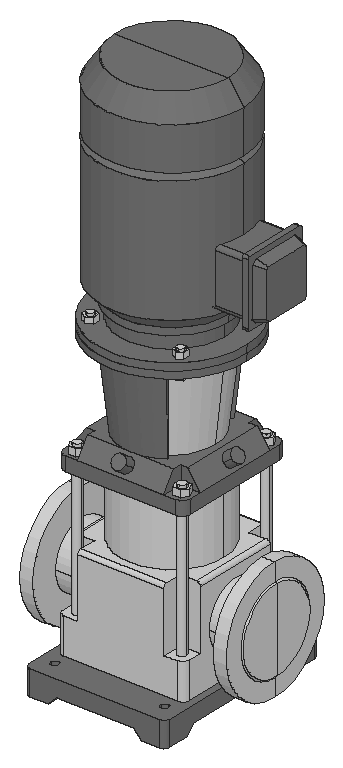
Revit family "TESK_Насос вертикальный_SVM(T)-90", category Оборудование, Revit 2019
Family settings
  Размер круглого соединителя = Использовать диаметр
  Классификация = Насос
  Тип детали = Вставляется
  На основе рабочей плоскости = Нет
  Всегда вертикально = Да
  При загрузке вырезать с полостями = Нет
  Общий = Нет
  Точка расчета площади = Нет
Parameters (values of type "Загрузите каталог типоразмеров TXT")
  Толщина_ФланцаДвигателя = Двигатель_Высота * 0.03  # 13.05 mm
  Таблица_Поиска = "TESK_SVM(T)-90"  # constant formula
  Производитель_Контакты = "info@teskpump.ru"
  Напор максимальный = 0
  Материал_КорпусУлитка = TESK_Нержавеющая сталь
  Материал_КорпусДвигателя = TESK_Черный_Ребра_Условный
  Материал_2 = TESK_Нержавеющая сталь
  Материал_1 = TESK_Черный_Условный
  Высота_Башня = size_lookup(Таблица_Поиска, "A5", 200 mm, ADSK_Марка)  # 200 mm
  Высота_Корпуса = size_lookup(Таблица_Поиска, "A1", 571 mm, ADSK_Марка)  # 571 mm
  Watermark [instance] = "Модели защищены уникальным кодом"
  URL = "www.teskpump.ru"
  D_Башня = Двигатель_Ширина * 0.75  # 195 mm
  ADSK_Свободный напор жидкости [instance] = 0.0 Pa
  ADSK_Расход жидкости [instance] = 0.0 L/s
  ADSK_Полная мощность = ADSK_Номинальная мощность * ADSK_Коэффициент мощности  # 0 kVA
  ADSK_Номинальная мощность = size_lookup(Таблица_Поиска, "Pow", 0 kW, ADSK_Марка)  # 0 kW
  ADSK_Напряжение = 400 V
  ADSK_Наименование краткое = "Вертикальный многоступенчатый центробежный насос"  # constant formula
  ADSK_Наименование = size_lookup(Таблица_Поиска, "Name", "Не найдено: Насос TESK SVM(T)-90", ADSK_Марка)  # "Не найдено: Насос TESK SVM(T)-90"
  ADSK_Масса_Текст = size_lookup(Таблица_Поиска, "mass_t", "Не найдено: Насос TESK SVM(T)-90", ADSK_Марка)  # "Не найдено: Насос TESK SVM(T)-90"
  ADSK_Масса = size_lookup(Таблица_Поиска, "mass", 0, ADSK_Марка)  # 0
  ADSK_Марка = "Загрузите каталог типоразмеров TXT"
  ADSK_Коэффициент мощности = 1
  ADSK_Количество фаз числовое = ADSK_Количество фаз  # 3
  ADSK_Количество фаз = if(ADSK_Напряжение = 230 V, 1, 3)  # 3
  ADSK_Количество = 1  # constant formula
  ADSK_Код изделия = size_lookup(Таблица_Поиска, "code", "Не найдено: Насос TESK SVM(T)-90", ADSK_Марка)  # "Не найдено: Насос TESK SVM(T)-90"
  ADSK_Классификация нагрузок = Прочее
  ADSK_Завод-изготовитель = "TESK"  # constant formula
  ADSK_Единица измерения = "шт."  # constant formula
  ADSK_Диаметр условный = 100 mm  # constant formula
  ADSK_Версия семейства = "1.0"  # constant formula
  ADSK_Версия Revit = "2019"  # constant formula
  Фланец_Толщина = 26 mm  # constant formula
  УГО_Длина = 380 mm  # constant formula
  Двигатель_Ширина = size_lookup(Таблица_Поиска, "A3", 260 mm, ADSK_Марка)  # 260 mm
  Двигатель_ОтступКоробки = size_lookup(Таблица_Поиска, "A4", 208 mm, ADSK_Марка)  # 208 mm
  Двигатель_Высота = size_lookup(Таблица_Поиска, "A2", 435 mm, ADSK_Марка)  # 435 mm
Reference planes
  plane 1 "По центру (Вперед/Назад)": y = 0
  plane 2: z = 0
  plane 3 "По центру (Влево/Вправо)": x = 0
  plane 4: x = -190
  plane 5: x = 190
  plane 6: x = -164
  plane 7: x = 164
  plane 8: z = -140
  plane 9: z = 431
  plane 10: z = 231
  plane 11: z = 206
  plane 12: x = -115
  plane 13: y = 115
  plane 14: x = 115
  plane 15: y = -115
  plane 16: x = -95
  plane 17: x = 95
  plane 18: y = -95
  plane 19: y = 95
  plane 20: z = 247
  plane 21: z = -95
  plane 22: x = -127.5
  plane 23: x = 127.5
  plane 24: y = -174
  plane 25: y = 174
  plane 26: z = -125
  plane 27: x = -84.5
  plane 28: x = 84.5
  plane 29: y = -174
  plane 30: y = 174
  plane 31: x = -127.5
  plane 32: x = 127.5
  plane 33: y = -125
  plane 34: y = 125
  plane 35: z = -125
  plane 36: x = -99.5
  plane 37: x = 99.5
  plane 38: y = -140
  plane 39: y = 140
  plane 40: z = 85
  plane 41: x = -115
  plane 42: x = 115
  plane 43: y = -115
  plane 44: y = 115
  plane 45: x = -115
  plane 46: x = 115
  plane 47: y = -115
  plane 48: y = 115
  plane 49: x = -78
  plane 50: x = 78
  plane 51: y = -78
  plane 52: y = 78
  plane 53: z = -30
  plane 54: x = -95
  plane 55: x = 95
  plane 56: y = -95
  plane 57: y = 95
  plane 58: x = -115
  plane 59: x = 115
  plane 60: y = -115
  plane 61: y = 115
  plane 62: x = -92
  plane 63: x = 92
  plane 64: y = -92
  plane 65: y = 92
  plane 66: z = 263
  plane 67: z = 417.95
  plane 68: x = -80
  plane 69: x = -97.5
  plane 70: x = 97.5
  plane 71: x = -92
  plane 72: x = -109.5
  plane 73: x = 80
  plane 74: x = 97.5
  plane 75: x = -97.5
  plane 76: x = 92
  plane 77: x = 109.5
  plane 78: x = -115
  plane 79: z = 78
  plane 80: x = -108
Forms (mm)
  Extrusion 1, solid, material "TESK_Нержавеющая сталь" <- "Материал_КорпусУлитка", detail levels fine
    sketch origin (0, 0, 0) x (0, 1, 0) y (0, 0, 1)
      loop
        circle (0, 0) r 60
    from -164 to 164
  Extrusion 2, solid, material "TESK_Черный_Условный" <- "Материал_1", detail levels fine
    sketch origin (0, 0, 0) x (1, 0, 0) y (0, 1, 0)
      loop
        line (-115, 100) -> (-115, -100)
        arc (-115, -100) -> (-110.607, -110.607) -> (-100, -115) r 15
        line (-100, -115) -> (100, -115)
        arc (100, -115) -> (110.607, -110.607) -> (115, -100) r 15
        line (115, -100) -> (115, 100)
        arc (115, 100) -> (110.607, 110.607) -> (100, 115) r 15
        line (100, 115) -> (-100, 115)
        arc (-100, 115) -> (-110.607, 110.607) -> (-115, 100) r 15
    from 206 to 231
  Extrusion 3, solid, material "TESK_Нержавеющая сталь" <- "Материал_2", detail levels fine
    sketch origin (0, 0, 0) x (1, 0, 0) y (0, 1, 0)
      loop
        circle (-95, 95) r 7.5
      loop
        circle (95, 95) r 7.5
      loop
        circle (-95, -95) r 7.5
      loop
        circle (95, -95) r 7.5
    from -30 to 247
  Extrusion 4, solid, material "TESK_Черный_Условный" <- "Материал_1", detail levels fine
    sketch origin (0, 0, 0) x (1, 0, 0) y (0, 1, 0)
      loop
        line (-127.5, 164) -> (-127.5, -164)
        arc (-127.5, -164) -> (-124.571, -171.071) -> (-117.5, -174) r 10
        line (-117.5, -174) -> (117.5, -174)
        arc (117.5, -174) -> (124.571, -171.071) -> (127.5, -164) r 10
        line (127.5, -164) -> (127.5, 164)
        arc (127.5, 164) -> (124.571, 171.071) -> (117.5, 174) r 10
        line (117.5, 174) -> (-117.5, 174)
        arc (-117.5, 174) -> (-124.571, 171.071) -> (-127.5, 164) r 10
    from -140 to -95
  Extrusion 5, void
    sketch origin (0, 0, 0) x (1, 0, 0) y (0, 0, 1)
      loop
        line (-69.5, -125) -> (-84.5, -140) -> (84.5, -140) -> (69.5, -125) -> (-69.5, -125)
    from -174 to 174
  Extrusion 6, void
    sketch origin (0, 0, 0) x (0, 1, 0) y (0, 0, 1)
      loop
        line (-110, -125) -> (-125, -140) -> (125, -140) -> (110, -125) -> (-110, -125)
    from -127.5 to 127.5
  Extrusion 7, void
    sketch origin (0, 0, 0) x (1, 0, 0) y (0, 1, 0)
      loop
        circle (-99.5, 140) r 7
      loop
        circle (99.5, 140) r 7
      loop
        circle (99.5, -140) r 7
      loop
        circle (-99.5, -140) r 7
    from -95 to -140
  Extrusion 8, solid, material "TESK_Нержавеющая сталь" <- "Материал_КорпусУлитка", detail levels fine
    sketch origin (0, 0, 0) x (1, 0, 0) y (0, 1, 0)
      loop
        arc (-103, 115) -> (-111.485, 111.485) -> (-115, 103) r 12
        line (-115, 103) -> (-115, -103)
        arc (-115, -103) -> (-111.485, -111.485) -> (-103, -115) r 12
        line (-103, -115) -> (103, -115)
        arc (103, -115) -> (111.485, -111.485) -> (115, -103) r 12
        line (115, -103) -> (115, 103)
        arc (115, 103) -> (111.485, 111.485) -> (103, 115) r 12
        line (103, 115) -> (-103, 115)
    from -95 to 85
  Extrusion 9, void
    sketch origin (0, 0, 0) x (1, 0, 0) y (0, 1, 0)
      loop
        line (-115, 78) -> (-78, 78) -> (-78, 115) -> (-115, 115) -> (-115, 78)
      loop
        line (78, 78) -> (115, 78) -> (115, 115) -> (78, 115) -> (78, 78)
      loop
        line (-115, -78) -> (-115, -115) -> (-78, -115) -> (-78, -78) -> (-115, -78)
      loop
        line (78, -78) -> (78, -115) -> (115, -115) -> (115, -78) -> (78, -78)
    from -30 to 263
  Extrusion 10, solid, material "TESK_Нержавеющая сталь" <- "Материал_2", detail levels fine
    sketch origin (0, 0, 0) x (1, 0, 0) y (0, 1, 0)
      loop
        circle (0, 0) r 95
    from 85 to 206
  Blend 11, solid, material "TESK_Черный_Условный" <- "Материал_1", detail levels fine
    base sketch origin (0, 0, 0) x (1, 0, 0) y (0, 1, 0)
      loop
        line (-115, 115) -> (-115, -115) -> (115, -115) -> (115, 115) -> (-115, 115)
    top sketch origin (0, 0, 0) x (1, 0, 0) y (0, 1, 0)
      loop
        line (-92, 92) -> (-92, -92) -> (92, -92) -> (92, 92) -> (-92, 92)
    from 231 to 263
  Blend 12, solid, material "TESK_Нержавеющая сталь" <- "Материал_2", detail levels fine
    base sketch origin (0, 0, 0) x (1, 0, 0) y (0, 1, 0)
      loop
        circle (0, 0) r 80
    top sketch origin (0, 0, 0) x (1, 0, 0) y (0, 1, 0)
      loop
        circle (0, 0) r 97.5
    from 263 to 417.95
  Revolve 13, solid, material "TESK_Черный_Условный" <- "Материал_1", detail levels fine
    sketch origin (0, 0, 0) x (1, 0, 0) y (0, 0, 1)
      loop
        line (-109.5, 417.95) -> (-92, 263) -> (-80, 263) -> (-97.5, 417.95) -> (-109.5, 417.95)
      axis (0, 263) -> (0, 417.95)
    angle from 125 to 55
  Revolve 14, solid, material "TESK_Черный_Условный" <- "Материал_1", detail levels fine
    sketch origin (0, 0, 0) x (-1, 0, 0) y (0, 0, 1)
      loop
        line (-109.5, 417.95) -> (-92, 263) -> (-80, 263) -> (-97.5, 417.95) -> (-109.5, 417.95)
      axis (0, 263) -> (0, 417.95)
    angle from -125 to -55
  Sweep 15, void
    path in 3D
      loop
        arc (-115, -103, 85) -> (-111.485, -111.485, 85) -> (-103, -115, 85) r 12
        line (-103, -115, 85) -> (103, -115, 85)
        arc (103, -115, 85) -> (111.485, -111.485, 85) -> (115, -103, 85) r 12
        line (115, -103, 85) -> (115, 103, 85)
        arc (115, 103, 85) -> (111.485, 111.485, 85) -> (103, 115, 85) r 12
        line (103, 115, 85) -> (-103, 115, 85)
        arc (-103, 115, 85) -> (-111.485, 111.485, 85) -> (-115, 103, 85) r 12
        line (-115, 103, 85) -> (-115, -103, 85)
    profile origin (-115, 0, 85) x (1, 0, 0) y (0, 0, 1)
      loop
        line (0, 0) -> (0, -7)
        arc (0, -7) -> (2.05, -2.05) -> (7, 0) r 7
        line (7, 0) -> (0, 0)
Cuts and joins
  Extrusion 5, Extrusion 6, Extrusion 7 cuts Extrusion 4
  Extrusion 9, Sweep 15 cuts Extrusion 8
  Extrusion 9 cuts Blend 11
Lines and regions (mm)
  sketch lines
    curve 1: line (-115, 103, 85) -> (-115, -103, 85)
    curve 2: arc (-115, 103, 85) -> (-111.485, 111.485, 85) -> (-103, 115, 85) r 12
    curve 3: line (103, 115, 85) -> (-103, 115, 85)
    curve 4: arc (103, 115, 85) -> (111.485, 111.485, 85) -> (115, 103, 85) r 12
    curve 5: line (115, -103, 85) -> (115, 103, 85)
    curve 6: arc (115, -103, 85) -> (111.485, -111.485, 85) -> (103, -115, 85) r 12
    curve 7: line (-103, -115, 85) -> (103, -115, 85)
    curve 8: arc (-103, -115, 85) -> (-111.485, -111.485, 85) -> (-115, -103, 85) r 12
Dimensions and locks
  locked: plane 3 "По центру (Влево/Вправо)" to plane 4 at 190
  locked: plane 5 to plane 3 "По центру (Влево/Вправо)" at 190
  locked: plane 2 to plane 8 at 140
  "Высота_Башня": plane 9 to plane 10
  locked: plane 10 to plane 11 at 25
  equal spacing: plane 12, plane 3 "По центру (Влево/Вправо)", plane 14
  equal spacing: plane 13, plane 1 "По центру (Вперед/Назад)", plane 15
  locked: plane 15 to plane 1 "По центру (Вперед/Назад)" at 115
  locked: plane 12 to plane 3 "По центру (Влево/Вправо)" at 115
  equal spacing: plane 16, plane 3 "По центру (Влево/Вправо)", plane 17
  locked: plane 16 to plane 3 "По центру (Влево/Вправо)" at 95
  equal spacing: plane 19, plane 1 "По центру (Вперед/Назад)", plane 18
  locked: plane 19 to plane 1 "По центру (Вперед/Назад)" at 95
  locked: plane 20 to plane 10 at 16
  locked: plane 21 to plane 8 at 45
  equal spacing: plane 22, plane 3 "По центру (Влево/Вправо)", plane 23
  locked: plane 22 to plane 3 "По центру (Влево/Вправо)" at 127.5
  equal spacing: plane 25, plane 1 "По центру (Вперед/Назад)", plane 24
  locked: plane 25 to plane 1 "По центру (Вперед/Назад)" at 174
  locked: plane 26 to plane 8 at 15
  equal spacing: plane 28, plane 3 "По центру (Влево/Вправо)", plane 27
  equal spacing: plane 29, plane 1 "По центру (Вперед/Назад)", plane 30
  locked: plane 29 to plane 1 "По центру (Вперед/Назад)" at 174
  equal spacing: plane 32, plane 3 "По центру (Влево/Вправо)", plane 31
  locked: plane 3 "По центру (Влево/Вправо)" to plane 31 at 127.5
  equal spacing: plane 33, plane 1 "По центру (Вперед/Назад)", plane 34
  locked: plane 35 to plane 8 at 15
  equal spacing: plane 36, plane 3 "По центру (Влево/Вправо)", plane 37
  equal spacing: plane 39, plane 1 "По центру (Вперед/Назад)", plane 38
  locked: plane 39 to plane 1 "По центру (Вперед/Назад)" at 140
  locked: plane 3 "По центру (Влево/Вправо)" to plane 37 at 99.5
  locked: plane 40 to plane 21 at 180
  equal spacing: plane 41, plane 3 "По центру (Влево/Вправо)", plane 42
  equal spacing: plane 44, plane 1 "По центру (Вперед/Назад)", plane 43
  locked: plane 43 to plane 1 "По центру (Вперед/Назад)" at 115
  locked: plane 3 "По центру (Влево/Вправо)" to plane 42 at 115
  equal spacing: plane 48, plane 1 "По центру (Вперед/Назад)", plane 47
  equal spacing: plane 45, plane 3 "По центру (Влево/Вправо)", plane 46
  locked: plane 45 to plane 3 "По центру (Влево/Вправо)" at 115
  locked: plane 48 to plane 1 "По центру (Вперед/Назад)" at 115
  locked: plane 48 to plane 52 at 37
  locked: plane 51 to plane 47 at 37
  locked: plane 45 to plane 49 at 37
  locked: plane 50 to plane 46 at 37
  locked: plane 2 to plane 53 at 30
  equal spacing: plane 57, plane 1 "По центру (Вперед/Назад)", plane 56
  locked: plane 57 to plane 1 "По центру (Вперед/Назад)" at 95
  equal spacing: plane 54, plane 3 "По центру (Влево/Вправо)", plane 55
  locked: plane 3 "По центру (Влево/Вправо)" to plane 55 at 95
  equal spacing: plane 61, plane 1 "По центру (Вперед/Назад)", plane 60
  equal spacing: plane 58, plane 3 "По центру (Влево/Вправо)", plane 59
  locked: plane 58 to plane 3 "По центру (Влево/Вправо)" at 115
  locked: plane 1 "По центру (Вперед/Назад)" to plane 61 at 115
  equal spacing: plane 62, plane 3 "По центру (Влево/Вправо)", plane 63
  equal spacing: plane 65, plane 1 "По центру (Вперед/Назад)", plane 64
  locked: plane 1 "По центру (Вперед/Назад)" to plane 65 at 92
  locked: plane 62 to plane 3 "По центру (Влево/Вправо)" at 92
  locked: plane 66 to plane 10 at 32
  "Толщина_ФланцаДвигателя": plane 9 to plane 67
  equal spacing: plane 70, plane 3 "По центру (Влево/Вправо)", plane 69
  "D_Башня": plane 70 to plane 69
  locked: plane 3 "По центру (Влево/Вправо)" to plane 68 at 80
  locked: plane 69 to plane 72 at 12
  locked: plane 68 to plane 71 at 12
  "D_Башня": plane 75 to plane 74
  locked: plane 74 to plane 77 at 12
  locked: plane 73 to plane 76 at 12
  equal spacing: plane 75, plane 3 "По центру (Влево/Вправо)", plane 74
  locked: plane 73 to plane 3 "По центру (Влево/Вправо)" at 80
  "Фланец_Толщина": plane 6 to plane 4
  "Фланец_Толщина": plane 5 to plane 7
  "Высота_Корпуса": plane 9 to plane 8
  locked: plane 3 "По центру (Влево/Вправо)" to plane 27 at 84.5
  locked: plane 33 to plane 1 "По центру (Вперед/Назад)" at 125
  locked: plane 3 "По центру (Влево/Вправо)" to plane 78 at 115
  locked: plane 40 to plane 79 at 7
  locked: plane 80 to plane 78 at 7
  diameter of Extrusion 1 sketch curve = 120 mm
  radius of Extrusion 2 sketch curve = 15 mm  (x4)
  diameter of Extrusion 3 sketch curve = 15 mm  (x4)
  radius of Extrusion 4 sketch curve = 10 mm  (x4)
  diameter of Extrusion 7 sketch curve = 14 mm  (x4)
  radius of Extrusion 8 sketch curve = 12 mm  (x4)
  diameter of Blend 12 sketch curve = 160 mm
  "D_Башня": diameter of Blend 12 sketch curve
  diameter of Extrusion 10 sketch curve = 190 mm
  radius of Sweep 15 sketch curve = 7 mm
  locked: Extrusion 5 sketch curve to plane 27 (angle 45.00°)
  locked: plane 28 to Extrusion 5 sketch curve (angle 45.00°)
  locked: Extrusion 6 sketch curve to plane 33 (angle 45.00°)
  locked: plane 34 to Extrusion 6 sketch curve (angle 45.00°)
  aligned and locked: level to plane 2
  aligned and locked: plane 1 "По центру (Вперед/Назад)" to nested 1
  aligned and locked: nested 2 to plane 1 "По центру (Вперед/Назад)"
  aligned and locked: plane 4 to nested 1
  aligned and locked: nested 2 to plane 5
  aligned and locked: Extrusion 1 to plane 6
  aligned and locked: plane 7 to Extrusion 1
  aligned and locked: Extrusion 2 sketch curve to plane 12
  aligned and locked: Extrusion 2 sketch curve to plane 13
  aligned and locked: Extrusion 2 sketch curve to plane 14
  aligned and locked: Extrusion 2 sketch curve to plane 15
  aligned and locked: plane 10 to Extrusion 2
  aligned and locked: Extrusion 2 to plane 11
  aligned and locked: plane 19 to Extrusion 3 sketch curve  (x2)
  aligned and locked: plane 16 to Extrusion 3 sketch curve  (x2)
  aligned and locked: plane 17 to Extrusion 3 sketch curve  (x2)
  aligned and locked: plane 18 to Extrusion 3 sketch curve  (x2)
  aligned and locked: Extrusion 3 to plane 20
  aligned and locked: plane 3 "По центру (Влево/Вправо)" to nested 3
  aligned and locked: plane 1 "По центру (Вперед/Назад)" to nested 3
  aligned and locked: plane 9 to nested 3
  aligned and locked: Extrusion 4 sketch curve to plane 22
  aligned and locked: Extrusion 4 sketch curve to plane 25
  aligned and locked: Extrusion 4 sketch curve to plane 23
  aligned and locked: Extrusion 4 sketch curve to plane 24
  aligned and locked: plane 21 to Extrusion 4
  aligned and locked: Extrusion 4 to plane 8
  aligned and locked: Extrusion 5 sketch curve to plane 26
  aligned and locked: Extrusion 5 sketch curve to plane 27
  aligned and locked: Extrusion 5 sketch curve to plane 8
  aligned and locked: Extrusion 5 sketch curve to plane 28
  aligned and locked: plane 8 to Extrusion 5 sketch curve
  aligned and locked: Extrusion 5 to plane 29
  aligned and locked: Extrusion 5 to plane 30
  aligned and locked: Extrusion 6 sketch curve to plane 35
  aligned and locked: Extrusion 6 sketch curve to plane 8
  aligned and locked: Extrusion 6 sketch curve to plane 34
  aligned and locked: plane 8 to Extrusion 6 sketch curve
  aligned and locked: Extrusion 6 sketch curve to plane 33
  aligned and locked: Extrusion 6 to plane 31
  aligned and locked: Extrusion 6 to plane 32
  aligned and locked: plane 39 to Extrusion 7 sketch curve  (x2)
  aligned and locked: plane 36 to Extrusion 7 sketch curve  (x2)
  aligned and locked: plane 37 to Extrusion 7 sketch curve  (x2)
  aligned and locked: plane 38 to Extrusion 7 sketch curve  (x2)
  aligned and locked: Extrusion 7 to plane 21
  aligned and locked: Extrusion 7 to plane 8
  aligned and locked: Extrusion 8 sketch curve to plane 44
  aligned and locked: Extrusion 8 sketch curve to plane 41
  aligned and locked: Extrusion 8 sketch curve to plane 42
  aligned and locked: Extrusion 8 sketch curve to plane 43
  aligned and locked: Extrusion 8 to plane 21
  aligned and locked: plane 40 to Extrusion 8
  aligned and locked: Extrusion 9 sketch curve to plane 52  (x2)
  aligned and locked: Extrusion 9 sketch curve to plane 45
  aligned and locked: Extrusion 9 sketch curve to plane 48  (x2)
  aligned and locked: Extrusion 9 sketch curve to plane 49
  aligned and locked: Extrusion 9 sketch curve to plane 50
  aligned and locked: Extrusion 9 sketch curve to plane 46
  aligned and locked: plane 45 to Extrusion 9 sketch curve
  aligned and locked: Extrusion 9 sketch curve to plane 47  (x2)
  aligned and locked: plane 49 to Extrusion 9 sketch curve
  aligned and locked: Extrusion 9 sketch curve to plane 51  (x2)
  aligned and locked: plane 50 to Extrusion 9 sketch curve
  aligned and locked: plane 46 to Extrusion 9 sketch curve
  aligned and locked: Extrusion 9 to plane 53
  aligned and locked: Extrusion 10 to plane 40
  aligned and locked: plane 11 to Extrusion 10
  aligned and locked: nested 4 to plane 10
  aligned and locked: nested 4 to plane 54
  aligned and locked: plane 56 to nested 4
  aligned and locked: Extrusion 3 to plane 53
  aligned and locked: nested 5 to plane 55
  aligned and locked: nested 5 to plane 56
  aligned and locked: plane 55 to nested 7
  aligned and locked: nested 7 to plane 57
  aligned and locked: plane 54 to nested 6
  aligned and locked: plane 57 to nested 6
  aligned and locked: plane 10 to nested 5
  aligned and locked: nested 7 to plane 10
  aligned and locked: plane 10 to nested 6
  aligned and locked: Blend 11 sketch curve to plane 58
  aligned and locked: Blend 11 sketch curve to plane 61
  aligned and locked: Blend 11 sketch curve to plane 60
  aligned and locked: Blend 11 sketch curve to plane 59
  aligned and locked: Blend 11 sketch curve to plane 65
  aligned and locked: Blend 11 sketch curve to plane 62
  aligned and locked: Blend 11 sketch curve to plane 63
  aligned and locked: Blend 11 sketch curve to plane 64
  aligned and locked: Blend 11 to plane 10
  aligned and locked: plane 66 to Extrusion 9
  aligned and locked: plane 66 to Blend 11
  aligned and locked: plane 3 "По центру (Влево/Вправо)" to Blend 12 sketch curve  (x2)
  aligned and locked: plane 1 "По центру (Вперед/Назад)" to Blend 12 sketch curve  (x2)
  aligned and locked: Blend 12 to plane 66
  aligned and locked: plane 67 to Blend 12
  aligned and locked: plane 3 "По центру (Влево/Вправо)" to Revolve 13 sketch curve
  aligned and locked: Revolve 13 sketch curve to plane 67
  aligned and locked: Revolve 13 sketch curve to plane 66
  aligned and locked: plane 71 to Revolve 13 sketch curve
  aligned and locked: plane 68 to Revolve 13 sketch curve
  aligned and locked: plane 72 to Revolve 13 sketch curve
  aligned and locked: plane 69 to Revolve 13 sketch curve
  aligned and locked: plane 66 to Revolve 14 sketch curve
  aligned and locked: plane 76 to Revolve 14 sketch curve
  aligned and locked: plane 73 to Revolve 14 sketch curve
  aligned and locked: plane 67 to Revolve 14 sketch curve
  aligned and locked: plane 77 to Revolve 14 sketch curve
  aligned and locked: plane 74 to Revolve 14 sketch curve
  aligned and locked: plane 3 "По центру (Влево/Вправо)" to Revolve 14 sketch curve
  aligned and locked: nested 8 to plane 1 "По центру (Вперед/Назад)"
  aligned and locked: nested 8 to plane 3 "По центру (Влево/Вправо)"
  aligned and locked: nested 9 to plane 1 "По центру (Вперед/Назад)"
  aligned and locked: plane 2 to nested 9
  aligned and locked: nested 9 to plane 3 "По центру (Влево/Вправо)"
  aligned and locked: plane 3 "По центру (Влево/Вправо)" to Extrusion 10 sketch curve
  aligned and locked: plane 1 "По центру (Вперед/Назад)" to Extrusion 10 sketch curve
  aligned and locked: plane 3 "По центру (Влево/Вправо)" to nested 10
  aligned and locked: Sweep 15 sketch curve to plane 78
  aligned and locked: Sweep 15 sketch curve to plane 40
  aligned and locked: nested 11 to plane 1 "По центру (Вперед/Назад)"
Automatic sketch dimensions
  Extrusion 1 sketch curve to level = 0 mm
  Extrusion 1 sketch curve to plane 1 "По центру (Вперед/Назад)" = 0 mm
  plane 66 to Revolve 13 sketch curve = 50 mm
  Revolve 13 sketch curve to plane 67 = 33.01 mm
  Revolve 14 sketch curve to plane 66 = 50 mm
  plane 67 to Revolve 14 sketch curve = 33.01 mm
Nested families
  nested 1: "Фланец_Круглый" at (-164, 0, 0), Толщина_Фланца <- "Фланец_Толщина", ADSK_Материал <- "Материал_КорпусУлитка", type "Фланец_Круглый", detail levels fine
    with Толщина_Фланца 26 mm, Толщина_Зеркала 3 mm, Dнар_Фланца 220 mm, D_Зеркала 150 mm, ADSK_Материал TESK_Нержавеющая сталь
  nested 2: "Фланец_Круглый" at (164, 0, 0) x (-1, 0, 0) z (0, 0, 1), Толщина_Фланца <- "Фланец_Толщина", ADSK_Материал <- "Материал_КорпусУлитка", type "Фланец_Круглый", detail levels fine
    with Толщина_Фланца 26 mm, Толщина_Зеркала 3 mm, Dнар_Фланца 220 mm, D_Зеркала 150 mm, ADSK_Материал TESK_Нержавеющая сталь
  nested 3: "Электродвигатель" at (0, 0, 431), Материал_Метизы <- "Материал_2", Материал_Основной <- "Материал_1", Материал_Ребра <- "Материал_КорпусДвигателя", Высота_Двигателя <- "Двигатель_Высота", Отступ_Коробка <- "Двигатель_ОтступКоробки", Ширина_Двигателя <- "Двигатель_Ширина", type "Электродвигатель", detail levels fine
    with Ширина_Коробки 104 mm, Ширина_Двигателя 260 mm, Толщина_ШляпкаБолта 8.19 mm, Толщина_Фланца 13.05 mm, Толщина_КрышкаКоробки 31.2 mm, Толщина_Гайки 10.238 mm, Отступ_Коробка 208 mm, Материал_Ребра TESK_Черный_Ребра_Условный, Материал_Основной TESK_Черный_Условный, Материал_Метизы TESK_Нержавеющая сталь, Коробка_Начало 87 mm, Длина_МеждуБолтами 163.8 mm, Выступ_КрышкаКоробки 8.32 mm, Высота_Двигателя 435 mm, Вылет_Болтов 13.309 mm, r2 104 mm, r1 96.2 mm, l3 4.16 mm, l2 7.28 mm, l1 7.28 mm, h6 26 mm, h5 39.15 mm, h4 130.5 mm, h3 117.45 mm, h2 39.15 mm, h1 26.1 mm, S_Метизы 20.475 mm, R_Верхушка 13.05 mm, R_2 4.16 mm, R_1 7.28 mm, D_Фланец 273 mm, D_Болты 13.65 mm
  nested 4: "Гайка_Условная" at (-95, -95, 231) x (-1, 0, 0) z (0, 0, 1), Материал1 <- "Материал_2", type "Гайка_Условная", detail levels fine
    with Толщина_Гайка 12 mm, Материал1 TESK_Нержавеющая сталь, S_Гайка 24 mm, D_Вн 15 mm
  nested 5: "Гайка_Условная" at (95, -95, 231), Материал1 <- "Материал_2", type "Гайка_Условная", detail levels fine
    with Толщина_Гайка 12 mm, Материал1 TESK_Нержавеющая сталь, S_Гайка 24 mm, D_Вн 15 mm
  nested 6: "Гайка_Условная" at (-95, 95, 231) x (-1, 0, 0) z (0, 0, 1), Материал1 <- "Материал_2", type "Гайка_Условная", detail levels fine
    with Толщина_Гайка 12 mm, Материал1 TESK_Нержавеющая сталь, S_Гайка 24 mm, D_Вн 15 mm
  nested 7: "Гайка_Условная" at (95, 95, 231), Материал1 <- "Материал_2", type "Гайка_Условная", detail levels fine
    with Толщина_Гайка 12 mm, Материал1 TESK_Нержавеющая сталь, S_Гайка 24 mm, D_Вн 15 mm
  nested 8: "Вл_УГО_Насос_2D" at (0, 0, 0) x (-1, 0, 0) z (0, 0, 1), L_УГО <- "УГО_Длина", type "Вл_УГО_Насос_2D", detail levels coarse+medium
    with L_УГО 380 mm
  nested 9: "Вл_УГО_Насос_3D" at (0, 0, 0) x (-1, 0, 0) z (0, -1, 0), L_УГО <- "УГО_Длина", type "Вл_УГО_Насос_3D", detail levels coarse+medium
    with L_УГО 380 mm
  nested 10: "Бобышка_Условная" at (0, -103.5, 247) x (1, 0, 0) z (0, -0.812, 0.5836), Материал <- "Материал_1", type "Бобышка_Условная", detail levels fine
    with Материал TESK_Черный_Условный, Длина 20 mm, Диаметр 25.3 mm
  nested 11: "Бобышка_Условная" at (103.5, 0, 247) x (0, 1, 0) z (0.812, 0, 0.5836), Материал <- "Материал_1", type "Бобышка_Условная", detail levels fine
    with Материал TESK_Черный_Условный, Длина 20 mm, Диаметр 25.3 mm
Connectors
  electrical at (0, 0, 748.55), driven by "ADSK_Количество фаз", driven by "ADSK_Классификация нагрузок", driven by "ADSK_Напряжение", driven by "ADSK_Полная мощность", driven by "ADSK_Коэффициент мощности"
    settings: on nested 3, index 1, voltage 400 V, apparent load 0 kVA, apparent load phase1 0 kVA, apparent load phase2 0 kVA, apparent load phase3 0 kVA, power factor 1, load classification "Прочее", number of poles 3, system type 30, power factor state 1, is connector primary yes, connector utility no, sub classification motor no, connector description ""
  piping at (-190, 0, 0), diameter 100, driven by "ADSK_Диаметр условный", driven by "ADSK_Расход жидкости"
    settings: on nested 1, index 2, connector inside diameter 609.6 mm, connector length 0 mm, flow factor 0, pipe flow 0.0 L/s, pressure drop 0.0 Pa, fitting loss kfactor 0, connector angle 0.00°, fixture units 0, engagement length 0 mm, angle of deflection 0.00°, flow configuration 0, flow direction 1, fitting loss method 0, system type 29, joint type 0, gender type 0, connector reference index -1, connector utility 0, adjustable connector no, is connector primary yes, connector description ""
  piping at (190, 0, 0), diameter 100, driven by "ADSK_Диаметр условный", driven by "ADSK_Расход жидкости"
    settings: on nested 2, index 3, connector inside diameter 609.6 mm, connector length 0 mm, flow factor 0, pipe flow 0.0 L/s, pressure drop 0.0 Pa, fitting loss kfactor 0, connector angle 0.00°, fixture units 0, engagement length 0 mm, angle of deflection 0.00°, flow configuration 0, flow direction 2, fitting loss method 0, system type 29, joint type 0, gender type 0, connector reference index -1, connector utility 0, adjustable connector no, is connector primary no, connector description ""
Definition of nested family "Фланец_Круглый"
  Parameters (values of type "Фланец_Круглый")
    Толщина_Фланца [instance] = 30 mm
    Толщина_Зеркала [instance] = 2 mm
    Dнар_Фланца [instance] = 200 mm
    D_Зеркала [instance] = 90 mm
    ADSK_Материал [instance] = none
  Reference planes
    plane 1 "По центру (Вперед/Назад)": y = 0
    plane 2: z = 0
    plane 3 "По центру (Влево/Вправо)": x = 0
    plane 4: z = 100
    plane 5: z = -100
    plane 6: x = -30
    plane 7: x = -28
    plane 8: z = 45
    plane 9: z = -45
  Forms (mm)
    Revolve 1, solid, material <- "ADSK_Материал"
      sketch origin (0, 0, 0) x (1, 0, 0) y (0, 0, 1)
        loop
          line (0, 100) -> (-28, 100) -> (-28, 0) -> (0, 0) -> (0, 100)
        axis (-28, 0) -> (0, 0)
      angle from 0 to 360
    Revolve 2, solid, material <- "ADSK_Материал"
      sketch origin (0, 0, 0) x (1, 0, 0) y (0, 0, 1)
        loop
          line (-28, 47) -> (-30, 45) -> (-30, 0) -> (-28, 0) -> (-28, 47)
        axis (-30, 0) -> (-28, 0)
      angle from 0 to 360
  Cuts and joins
    joined: Revolve 1, Revolve 2
  Dimensions and locks
    equal spacing: plane 4, plane 2, plane 5
    "Dнар_Фланца": plane 4 to plane 5
    "Толщина_Фланца": plane 3 "По центру (Влево/Вправо)" to plane 6
    "Толщина_Зеркала": plane 7 to plane 6
    equal spacing: plane 8, plane 2, plane 9
    "D_Зеркала": plane 8 to plane 9
    locked: Revolve 2 sketch curve to plane 6 (angle 45.00°)
    aligned and locked: level to plane 2
    aligned and locked: Revolve 1 sketch curve to plane 2  (x2)
    aligned and locked: Revolve 1 sketch curve to plane 3 "По центру (Влево/Вправо)"
    aligned and locked: Revolve 1 sketch curve to plane 7
    aligned and locked: Revolve 1 sketch curve to plane 4
    aligned and locked: Revolve 2 sketch curve to plane 2  (x2)
    aligned and locked: Revolve 2 sketch curve to plane 7
    aligned and locked: Revolve 2 sketch curve to plane 6
    aligned and locked: plane 8 to Revolve 2 sketch curve
  Automatic sketch dimensions
    plane 7 to Revolve 1 sketch curve = 5 mm
    Revolve 1 sketch curve to plane 3 "По центру (Влево/Вправо)" = 2 mm
    plane 7 to Revolve 2 sketch curve = 12.352 mm
    Revolve 2 sketch curve to plane 3 "По центру (Влево/Вправо)" = 5.648 mm
Definition of nested family "Электродвигатель"
  Parameters (values of type "Электродвигатель")
    Ширина_Коробки [instance] = Отступ_Коробка * 0.5  # 77.5 mm
    Ширина_Двигателя [instance] = 190 mm
    Толщина_ШляпкаБолта [instance] = S_Метизы * 0.4  # 5.985 mm
    Толщина_Фланца [instance] = Высота_Двигателя * 0.03  # 9.99 mm
    Толщина_КрышкаКоробки [instance] = Отступ_Коробка * 0.15  # 23.25 mm
    Толщина_Гайки [instance] = S_Метизы * 0.5  # 7.481 mm
    Материал_Ребра [instance] = none
    Материал_Основной [instance] = none
    Материал_Метизы [instance] = none
    Коробка_Начало [instance] = Высота_Двигателя * 0.2  # 66.6 mm
    Отступ_Коробка [instance] = 155 mm
    Длина_МеждуБолтами [instance] = D_Фланец * 0.6  # 119.7 mm
    Выступ_КрышкаКоробки [instance] = Ширина_Коробки * 0.08  # 6.2 mm
    Высота_Двигателя [instance] = 333 mm
    Вылет_Болтов [instance] = Толщина_Гайки * 1.3  # 9.726 mm
    r2 [instance] = Ширина_Двигателя * 0.4  # 76 mm
    r1 [instance] = Ширина_Двигателя * 0.37  # 70.3 mm
    l3 [instance] = Ширина_Коробки * 0.04  # 3.1 mm
    l2 [instance] = Ширина_Коробки * 0.07  # 5.425 mm
    l1 [instance] = Ширина_Коробки * 0.07  # 5.425 mm
    h6 [instance] = Ширина_Двигателя / 2 - r2  # 19 mm
    h5 [instance] = Высота_Двигателя * 0.09  # 29.97 mm
    h4 [instance] = Высота_Двигателя * 0.3  # 99.9 mm
    h3 [instance] = Высота_Двигателя * 0.27  # 89.91 mm
    h2 [instance] = Высота_Двигателя * 0.09  # 29.97 mm
    h1 [instance] = Высота_Двигателя * 0.06  # 19.98 mm
    S_Метизы [instance] = D_Болты * 1.5  # 14.962 mm
    R_Верхушка [instance] = h5 / 3  # 9.99 mm
    R_2 [instance] = Ширина_Коробки * 0.04  # 3.1 mm
    R_1 [instance] = Ширина_Коробки * 0.07  # 5.425 mm
    D_Фланец [instance] = Ширина_Двигателя * 1.05  # 199.5 mm
    D_Болты [instance] = D_Фланец * 0.05  # 9.975 mm
  Reference planes
    plane 1 "По центру (Вперед/Назад)": y = 0
    plane 2: z = 0
    plane 3 "По центру (Влево/Вправо)": x = 0
    plane 4: z = 333
    plane 5: x = -95
    plane 6: x = 95
    plane 7: x = 155
    plane 8: z = 9.99
    plane 9: z = -9.99
    plane 10: z = 29.97
    plane 11: z = 39.96
    plane 12: z = 303.03
    plane 13: x = -70.3
    plane 14: x = -76
    plane 15: z = 233.1
    plane 16: x = -93
    plane 17: z = 243.09
    plane 18: x = -69.018
    plane 19: z = 144.1
    plane 20: z = 66.6
    plane 21: y = -38.75
    plane 22: y = 38.75
    plane 23: x = 131.75
    plane 24: x = 139.5
    plane 25: x = 147.25
    plane 26: y = -44.95
    plane 27: z = 150.3
    plane 28: y = 44.95
    plane 29: z = 60.4
    plane 30: x = -59.85
    plane 31: x = 59.85
    plane 32: y = 59.85
    plane 33: y = -59.85
    plane 34: z = -15.975
    plane 35: z = 19.716
    plane 36: z = 72.025
    plane 37: z = 138.675
    plane 38: y = -33.325
    plane 39: y = 33.325
    plane 40: y = -33.325
    plane 41: z = 138.675
    plane 42: z = 72.025
    plane 43: y = 33.325
    plane 44: y = -30.225
    plane 45: z = 135.575
    plane 46: z = 75.125
    plane 47: y = 30.225
    plane 48: z = 17.471
    plane 49: z = 252.1
    plane 50: z = 39.96
    plane 51: x = -76
    plane 52: z = 233.1
    plane 53: z = 252.1
  Forms (mm)
    Revolve 1, solid, material <- "Материал_Основной"
      sketch origin (0, 0, 0) x (1, 0, 0) y (0, 0, 1)
        loop
          line (0, 39.96) -> (-76, 39.96) -> (-76, 29.97) -> (-70.3, 29.97) -> (-70.3, 9.99) -> (0, 9.99) -> (0, 39.96)
        loop
          line (-76, 303.03) -> (-76, 252.1) -> (0, 252.1) -> (0, 333) -> (-74.015, 333) -> (-95, 303.03) -> (-95, 243.09) -> (-93, 243.09) -> (-93, 303.03) -> (-76, 303.03)
        axis (0, 9.99) -> (0, 333)
      angle from 0 to 360
    Extrusion 2, solid, material <- "Материал_Основной"
      sketch origin (0, 0, 0) x (1, 0, 0) y (0, 1, 0)
        loop
          circle (0, 0) r 99.75
      from 0 to -9.99
    Extrusion 3, solid, material <- "Материал_Основной"
      sketch origin (0, 0, 0) x (1, 0, 0) y (0, 1, 0)
        loop
          circle (0, 0) r 99.75
      from 0 to 9.99
    Extrusion 4, solid, material <- "Материал_Основной"
      sketch origin (0, 0, 0) x (0, 1, 0) y (0, 0, 1)
        loop
          line (-38.75, 138.675) -> (-38.75, 72.025)
          arc (-38.75, 72.025) -> (-37.161, 68.189) -> (-33.325, 66.6) r 5.425
          line (-33.325, 66.6) -> (33.325, 66.6)
          arc (33.325, 66.6) -> (37.161, 68.189) -> (38.75, 72.025) r 5.425
          line (38.75, 72.025) -> (38.75, 138.675)
          arc (38.75, 138.675) -> (37.161, 142.511) -> (33.325, 144.1) r 5.425
          line (33.325, 144.1) -> (-33.325, 144.1)
          arc (-33.325, 144.1) -> (-37.161, 142.511) -> (-38.75, 138.675) r 5.425
      from 0 to 131.75
    Extrusion 5, solid, material <- "Материал_Основной"
      sketch origin (0, 0, 0) x (0, 1, 0) y (0, 0, 1)
        loop
          line (-41.85, 60.4) -> (41.85, 60.4)
          arc (41.85, 60.4) -> (44.042, 61.308) -> (44.95, 63.5) r 3.1
          line (44.95, 63.5) -> (44.95, 147.2)
          arc (44.95, 147.2) -> (44.042, 149.392) -> (41.85, 150.3) r 3.1
          line (41.85, 150.3) -> (-41.85, 150.3)
          arc (-41.85, 150.3) -> (-44.042, 149.392) -> (-44.95, 147.2) r 3.1
          line (-44.95, 147.2) -> (-44.95, 63.5)
          arc (-44.95, 63.5) -> (-44.042, 61.308) -> (-41.85, 60.4) r 3.1
      from 131.75 to 139.5
    Extrusion 6, solid, material <- "Материал_Метизы"
      sketch origin (0, 0, 0) x (1, 0, 0) y (0, 1, 0)
        loop
          circle (-59.85, 59.85) r 4.987
        loop
          circle (59.85, 59.85) r 4.987
        loop
          circle (-59.85, -59.85) r 4.987
        loop
          circle (59.85, -59.85) r 4.987
      from 9.99 to 19.716
    Blend 7, solid, material <- "Материал_Основной"
      base sketch origin (0, 0, 0) x (0, 1, 0) y (0, 0, 1)
        loop
          line (-33.325, 144.1) -> (-38.75, 138.675) -> (-38.75, 72.025) -> (-33.325, 66.6) -> (33.325, 66.6) -> (38.75, 72.025) -> (38.75, 138.675) -> (33.325, 144.1) -> (-33.325, 144.1)
      top sketch origin (0, 0, 0) x (0, 1, 0) y (0, 0, 1)
        loop
          line (-30.225, 138.675) -> (-33.325, 135.575) -> (-33.325, 75.125) -> (-30.225, 72.025) -> (30.225, 72.025) -> (33.325, 75.125) -> (33.325, 135.575) -> (30.225, 138.675) -> (-30.225, 138.675)
      from 139.5 to 155
    Extrusion 8, solid, material <- "Материал_Метизы"
      sketch origin (0, 0, 0) x (1, 0, 0) y (0, 1, 0)
        loop
          line (-59.85, 68.489) -> (-67.331, 64.169) -> (-67.331, 55.531) -> (-59.85, 51.211) -> (-52.369, 55.531) -> (-52.369, 64.169) -> (-59.85, 68.489)
        loop
          line (59.85, 68.489) -> (52.369, 64.169) -> (52.369, 55.531) -> (59.85, 51.211) -> (67.331, 55.531) -> (67.331, 64.169) -> (59.85, 68.489)
        loop
          line (59.85, -51.211) -> (52.369, -55.531) -> (52.369, -64.169) -> (59.85, -68.489) -> (67.331, -64.169) -> (67.331, -55.531) -> (59.85, -51.211)
        loop
          line (-59.85, -51.211) -> (-67.331, -55.531) -> (-67.331, -64.169) -> (-59.85, -68.489) -> (-52.369, -64.169) -> (-52.369, -55.531) -> (-59.85, -51.211)
      from -15.975 to -9.99
    Extrusion 9, solid, material <- "Материал_Метизы"
      sketch origin (0, 0, 0) x (1, 0, 0) y (0, 1, 0)
        loop
          circle (-59.85, 59.85) r 4.987
        loop
          circle (59.85, 59.85) r 4.987
        loop
          circle (59.85, -59.85) r 4.987
        loop
          circle (-59.85, -59.85) r 4.987
        loop
          line (-67.331, 55.531) -> (-59.85, 51.211) -> (-52.369, 55.531) -> (-52.369, 64.169) -> (-59.85, 68.489) -> (-67.331, 64.169) -> (-67.331, 55.531)
        loop
          line (52.369, 55.531) -> (59.85, 51.211) -> (67.331, 55.531) -> (67.331, 64.169) -> (59.85, 68.489) -> (52.369, 64.169) -> (52.369, 55.531)
        loop
          line (52.369, -64.169) -> (59.85, -68.489) -> (67.331, -64.169) -> (67.331, -55.531) -> (59.85, -51.211) -> (52.369, -55.531) -> (52.369, -64.169)
        loop
          line (-67.331, -64.169) -> (-59.85, -68.489) -> (-52.369, -64.169) -> (-52.369, -55.531) -> (-59.85, -51.211) -> (-67.331, -55.531) -> (-67.331, -64.169)
      from 9.99 to 17.471
    Revolve 10, solid, material <- "Материал_Ребра"
      sketch origin (0, 0, 0) x (1, 0, 0) y (0, 0, 1)
        loop
          line (0, 252.1) -> (-76, 252.1) -> (-95, 233.1) -> (-95, 58.96) -> (-76, 39.96) -> (0, 39.96) -> (0, 252.1)
        axis (0, 39.96) -> (0, 252.1)
      angle from 0 to 360
  Dimensions and locks
    "Высота_Двигателя": plane 4 to plane 2
    equal spacing: plane 6, plane 3 "По центру (Влево/Вправо)", plane 5
    "Ширина_Двигателя": plane 6 to plane 5
    "Отступ_Коробка": plane 7 to plane 3 "По центру (Влево/Вправо)"
    equal spacing: plane 8, plane 2, plane 9
    "Толщина_Фланца": plane 8 to plane 2
    "h1": plane 10 to plane 8
    "h5": plane 4 to plane 12
    "r1": plane 3 "По центру (Влево/Вправо)" to plane 13
    "r2": plane 3 "По центру (Влево/Вправо)" to plane 14
    locked: plane 16 to plane 5 at 2
    "h3": plane 4 to plane 17
    "h2": plane 11 to plane 8
    "h4": plane 4 to plane 15
    locked: plane 3 "По центру (Влево/Вправо)" to plane 18 at 69.018
    "Коробка_Начало": plane 20 to plane 2
    "Ширина_Коробки": plane 19 to plane 20
    equal spacing: plane 21, plane 1 "По центру (Вперед/Назад)", plane 22
    "Ширина_Коробки": plane 21 to plane 22
    "Толщина_КрышкаКоробки": plane 7 to plane 23
    equal spacing: plane 7, plane 25, plane 24, plane 23
    "Выступ_КрышкаКоробки": plane 26 to plane 21
    "Выступ_КрышкаКоробки": plane 22 to plane 28
    "Выступ_КрышкаКоробки": plane 27 to plane 19
    "Выступ_КрышкаКоробки": plane 20 to plane 29
    equal spacing: plane 30, plane 3 "По центру (Влево/Вправо)", plane 31
    equal spacing: plane 32, plane 1 "По центру (Вперед/Назад)", plane 33
    "Длина_МеждуБолтами": plane 32 to plane 33
    "Длина_МеждуБолтами": plane 30 to plane 31
    "Толщина_ШляпкаБолта": plane 9 to plane 34
    "Вылет_Болтов": plane 35 to plane 8
    "l1": plane 21 to plane 38
    "l1": plane 39 to plane 22
    "l1": plane 19 to plane 37
    "l1": plane 36 to plane 20
    "l2": plane 21 to plane 40
    "l2": plane 43 to plane 22
    "l2": plane 42 to plane 20
    "l2": plane 19 to plane 41
    "l3": plane 40 to plane 44
    "l3": plane 47 to plane 43
    "l3": plane 41 to plane 45
    "l3": plane 46 to plane 42
    "Толщина_Гайки": plane 48 to plane 8
    equal spacing: Extrusion 8 sketch curve, plane 32, Extrusion 8 sketch curve  (x4)
    equal spacing: Extrusion 8 sketch curve, plane 30, Extrusion 8 sketch curve  (x2)
    equal spacing: Extrusion 8 sketch curve, plane 31, Extrusion 8 sketch curve  (x2)
    equal spacing: Extrusion 8 sketch curve, plane 33, Extrusion 8 sketch curve  (x4)
    "S_Метизы": Extrusion 8 sketch curve to Extrusion 8 sketch curve  (x12)
    equal spacing: Extrusion 9 sketch curve, plane 33, Extrusion 9 sketch curve  (x6)
    equal spacing: Extrusion 9 sketch curve, plane 32, Extrusion 9 sketch curve  (x6)
    "S_Метизы": Extrusion 9 sketch curve to Extrusion 9 sketch curve  (x12)
    "h6": plane 49 to plane 15
    "h2": plane 50 to plane 8
    "r2": plane 3 "По центру (Влево/Вправо)" to plane 51
    "h4": plane 4 to plane 52
    "h6": plane 53 to plane 52
    "D_Фланец": diameter of Extrusion 2 sketch curve
    "D_Фланец": diameter of Extrusion 3 sketch curve
    "R_1": radius of Extrusion 4 sketch curve  (x4)
    "R_2": radius of Extrusion 5 sketch curve  (x4)
    "D_Болты": diameter of Extrusion 6 sketch curve  (x4)
    "D_Болты": diameter of Extrusion 9 sketch curve  (x4)
    locked: Revolve 1 sketch curve to plane 12 (angle 125.00°)
    locked: Extrusion 8 sketch curve to Extrusion 8 sketch curve (angle 120.00°)  (x12)
    locked: Extrusion 9 sketch curve to Extrusion 9 sketch curve (angle 120.00°)  (x12)
    locked: Revolve 10 sketch curve to plane 50 (angle 45.00°)
    locked: Revolve 10 sketch curve to plane 52 (angle 135.00°)
    aligned and locked: level to plane 2
    aligned and locked: plane 3 "По центру (Влево/Вправо)" to Revolve 1 sketch curve
    aligned and locked: Revolve 1 sketch curve to plane 3 "По центру (Влево/Вправо)"  (x2)
    aligned and locked: Revolve 1 sketch curve to plane 8
    aligned and locked: Revolve 1 sketch curve to plane 13
    aligned and locked: Revolve 1 sketch curve to plane 10
    aligned and locked: Revolve 1 sketch curve to plane 14  (x2)
    aligned and locked: Revolve 1 sketch curve to plane 12
    aligned and locked: Revolve 1 sketch curve to plane 16
    aligned and locked: Revolve 1 sketch curve to plane 5
    aligned and locked: plane 2 to Extrusion 2
    aligned and locked: Extrusion 2 to plane 9
    aligned and locked: Extrusion 3 to plane 2
    aligned and locked: plane 8 to Extrusion 3
    aligned and locked: Revolve 1 sketch curve to plane 17
    aligned and locked: plane 12 to Revolve 1 sketch curve
    aligned and locked: Revolve 1 sketch curve to plane 4
    aligned and locked: Extrusion 4 sketch curve to plane 21
    aligned and locked: Extrusion 4 sketch curve to plane 19
    aligned and locked: Extrusion 4 sketch curve to plane 22
    aligned and locked: Extrusion 4 sketch curve to plane 20
    aligned and locked: Extrusion 4 to plane 3 "По центру (Влево/Вправо)"
    aligned and locked: plane 23 to Extrusion 4
    aligned and locked: Extrusion 5 sketch curve to plane 29
    aligned and locked: Extrusion 5 sketch curve to plane 26
    aligned and locked: Extrusion 5 sketch curve to plane 27
    aligned and locked: Extrusion 5 sketch curve to plane 28
    aligned and locked: Extrusion 5 to plane 23
    aligned and locked: Extrusion 5 to plane 24
    aligned and locked: plane 30 to Extrusion 6 sketch curve  (x2)
    aligned and locked: plane 32 to Extrusion 6 sketch curve  (x2)
    aligned and locked: plane 31 to Extrusion 6 sketch curve  (x2)
    aligned and locked: plane 33 to Extrusion 6 sketch curve  (x2)
    aligned and locked: plane 35 to Extrusion 6
    aligned and locked: Extrusion 6 to plane 8
    aligned and locked: Blend 7 sketch curve to plane 19
    aligned and locked: Blend 7 sketch curve to plane 21
    aligned and locked: Blend 7 sketch curve to plane 22
    aligned and locked: Blend 7 sketch curve to plane 20
    aligned and locked: plane 36 to Blend 7 sketch curve  (x2)
    aligned and locked: Blend 7 sketch curve to plane 39
    aligned and locked: Blend 7 sketch curve to plane 38
    aligned and locked: plane 37 to Blend 7 sketch curve  (x2)
    aligned and locked: plane 38 to Blend 7 sketch curve
    aligned and locked: plane 39 to Blend 7 sketch curve
    aligned and locked: Blend 7 sketch curve to plane 41
    aligned and locked: Blend 7 sketch curve to plane 40
    aligned and locked: Blend 7 sketch curve to plane 42
    aligned and locked: Blend 7 sketch curve to plane 43
    aligned and locked: plane 46 to Blend 7 sketch curve
    aligned and locked: Blend 7 sketch curve to plane 44
    aligned and locked: Blend 7 sketch curve to plane 47
    aligned and locked: Blend 7 sketch curve to plane 46
    aligned and locked: Blend 7 sketch curve to plane 45
    aligned and locked: plane 47 to Blend 7 sketch curve
    aligned and locked: plane 45 to Blend 7 sketch curve
    aligned and locked: plane 44 to Blend 7 sketch curve
    aligned and locked: Blend 7 to plane 24
    aligned and locked: plane 7 to Blend 7
    aligned and locked: plane 9 to Extrusion 8
    aligned and locked: Extrusion 8 to plane 34
    aligned and locked: plane 30 to Extrusion 9 sketch curve  (x2)
    aligned and locked: plane 32 to Extrusion 9 sketch curve  (x2)
    aligned and locked: plane 31 to Extrusion 9 sketch curve  (x2)
    aligned and locked: plane 33 to Extrusion 9 sketch curve  (x2)
    aligned and locked: plane 48 to Extrusion 9
    aligned and locked: Extrusion 9 to plane 8
    aligned and locked: Revolve 1 sketch curve to plane 11
    aligned and locked: Revolve 1 sketch curve to plane 49
    aligned and locked: plane 3 "По центру (Влево/Вправо)" to Revolve 10 sketch curve
    aligned and locked: Revolve 10 sketch curve to plane 3 "По центру (Влево/Вправо)"
    aligned and locked: Revolve 10 sketch curve to plane 50
    aligned and locked: Revolve 10 sketch curve to plane 5
    aligned and locked: plane 51 to Revolve 10 sketch curve
    aligned and locked: plane 52 to Revolve 10 sketch curve
    aligned and locked: Revolve 10 sketch curve to plane 53
  Automatic sketch dimensions
    plane 20 to Revolve 1 sketch curve = 24.451 mm
    plane 15 to Revolve 1 sketch curve = 0.351 mm
    plane 1 "По центру (Вперед/Назад)" to Extrusion 2 sketch curve = 0 mm
    Extrusion 2 sketch curve to plane 3 "По центру (Влево/Вправо)" = 0 mm
    plane 1 "По центру (Вперед/Назад)" to Extrusion 3 sketch curve = 0 mm
    Extrusion 3 sketch curve to plane 3 "По центру (Влево/Вправо)" = 0 mm
    Revolve 10 sketch curve to plane 20 = 12.5 mm
    Revolve 10 sketch curve to plane 19 = 19.25 mm
Definition of nested family "Гайка_Условная"
  Parameters (values of type "Гайка_Условная")
    Толщина_Гайка [instance] = 10 mm
    Материал1 [instance] = none
    S_Гайка [instance] = 15 mm
    D_Вн [instance] = 10 mm
  Reference planes
    plane 1 "По центру (Вперед/Назад)": y = 0
    plane 2: z = 0
    plane 3 "По центру (Влево/Вправо)": x = 0
    plane 4: z = 10
  Forms (mm)
    Extrusion 1, solid, material <- "Материал1"
      sketch origin (0, 0, 0) x (1, 0, 0) y (0, 1, 0)
        loop
          line (8.66, 0) -> (4.33, 7.5) -> (-4.33, 7.5) -> (-8.66, 0) -> (-4.33, -7.5) -> (4.33, -7.5) -> (8.66, 0)
        loop
          circle (0, 0) r 5
      from 0 to 10
  Dimensions and locks
    equal spacing: Extrusion 1 sketch curve, plane 3 "По центру (Влево/Вправо)", Extrusion 1 sketch curve  (x3)
    "S_Гайка": Extrusion 1 sketch curve to Extrusion 1 sketch curve  (x3)
    "Толщина_Гайка": plane 4 to plane 2
    "D_Вн": diameter of Extrusion 1 sketch curve
    locked: Extrusion 1 sketch curve to Extrusion 1 sketch curve (angle 120.00°)  (x3)
    aligned and locked: level to plane 2
    aligned and locked: plane 1 "По центру (Вперед/Назад)" to Extrusion 1 sketch curve
    aligned and locked: plane 3 "По центру (Влево/Вправо)" to Extrusion 1 sketch curve
    aligned and locked: plane 4 to Extrusion 1
    aligned and locked: Extrusion 1 to plane 2
Definition of nested family "Вл_УГО_Насос_3D"
  Parameters (values of type "Вл_УГО_Насос_3D")
    L_УГО [instance] = 490 mm
    D = 200 mm  # constant formula
  Reference planes
    plane 1 "По центру (Вперед/Назад)": y = 0
    plane 2: z = 0
    plane 3 "По центру (Влево/Вправо)": x = 0
    plane 4: x = -245
    plane 5: x = 245
    plane 6: z = -1
    plane 7: z = 1
    plane 8: z = 0.5
    plane 9: z = -0.5
  Forms (mm)
    Extrusion 1, solid
      sketch origin (0, 0, 0) x (1, 0, 0) y (0, 1, 0)
        loop
          circle (0, 0) r 100
      from -0.5 to 0.5
    Extrusion 2, solid
      sketch origin (0, 0, 0) x (1, 0, 0) y (0, 1, 0)
        loop
          line (-100, 0) -> (50, -86.603) -> (50, 86.603) -> (-100, 0)
      from -1 to 1
  Lines and regions (mm)
    model lines
      curve 1: line (-245, 0, 0) -> (-100, 0, 0)
      curve 2: line (100, 0, 0) -> (245, 0, 0)
  Dimensions and locks
    equal spacing: plane 4, plane 3 "По центру (Влево/Вправо)", plane 5
    plane 7 to level to plane 6 = 1 mm locked, 1 mm locked
    plane 8 to level = 0.5 mm
    level to plane 9 = 0.5 mm
    "L_УГО": plane 4 to plane 5
    "D": diameter of Extrusion 1 sketch curve
    aligned and locked: level to plane 2
    aligned and locked: plane 3 "По центру (Влево/Вправо)" to Extrusion 1 sketch curve
    aligned and locked: plane 1 "По центру (Вперед/Назад)" to Extrusion 1 sketch curve
    aligned and locked: plane 8 to Extrusion 1
    aligned and locked: Extrusion 1 to plane 9
    aligned and locked: Extrusion 2 to plane 6
    aligned and locked: plane 7 to Extrusion 2
    aligned and locked: plane 1 "По центру (Вперед/Назад)" to curve 1
    aligned and locked: plane 4 to curve 1
    aligned and locked: plane 5 to curve 2
  Automatic sketch dimensions
    plane 1 "По центру (Вперед/Назад)" to Extrusion 2 sketch curve = 0 mm
    plane 3 "По центру (Влево/Вправо)" to Extrusion 2 sketch curve = 50 mm
    plane 1 "По центру (Вперед/Назад)" to Extrusion 2 sketch curve = 86.603 mm
    Extrusion 2 sketch curve to plane 1 "По центру (Вперед/Назад)" = 86.603 mm
    Extrusion 2 sketch curve to plane 3 "По центру (Влево/Вправо)" = 100 mm
    plane 1 "По центру (Вперед/Назад)" to curve 1 = 0 mm
    plane 1 "По центру (Вперед/Назад)" to curve 2 = 0 mm
    curve 1 to plane 3 "По центру (Влево/Вправо)" = 100 mm
    plane 3 "По центру (Влево/Вправо)" to curve 2 = 100 mm
Definition of nested family "Бобышка_Условная"
  Parameters (values of type "Семейство1")
    Default Elevation = 1219.2 mm
    Материал [instance] = none
    Длина = 130.945 mm
    Диаметр = 40 mm
  Reference planes
    plane 1 "По центру (Вперед/Назад)": y = 0
    plane 2: z = 0
    plane 3 "По центру (Влево/Вправо)": x = 0
    plane 4: z = 130.945
  Forms (mm)
    Extrusion 1, solid
      sketch origin (0, 0, 0) x (1, 0, 0) y (0, 1, 0)
        loop
          line (-1219.2, 1219.2) -> (-1219.2, -1219.2) -> (1219.2, -1219.2) -> (1219.2, 1219.2) -> (-1219.2, 1219.2)
      from 0 to -304.8
    Extrusion 2, solid, material <- "Материал"
      sketch origin (0, 0, 0) x (1, 0, 0) y (0, 1, 0)
        loop
          circle (0, 0) r 20
      from 0 to 130.945
  Dimensions and locks
    "Длина": plane 4 to plane 2
    "Диаметр": diameter of Extrusion 2 sketch curve
    aligned and locked: plane 2 to Extrusion 1
    aligned and locked: level to Extrusion 1
    aligned and locked: Extrusion 2 to plane 2
    aligned and locked: plane 4 to Extrusion 2
  Automatic sketch dimensions
    Extrusion 1 sketch curve to Extrusion 1 sketch curve = 2438.4 mm  (x2)
    plane 1 "По центру (Вперед/Назад)" to Extrusion 2 sketch curve = 0 mm
    Extrusion 2 sketch curve to plane 3 "По центру (Влево/Вправо)" = 0 mm
Definition of nested family "Вл_УГО_Насос_2D"
  Parameters (values of type "Вл_УГО_Насос_2D")
    L_УГО [instance] = 250 mm
    D = 200 mm  # constant formula
  Reference planes
    plane 1 "По центру (Вперед/Назад)": y = 0
    plane 2: z = 0
    plane 3 "По центру (Влево/Вправо)": x = 0
    plane 4: x = -125
    plane 5: x = 125
    plane 6: x = -100
    plane 7: x = 100
    plane 8: x = -100, in view "Опорный уровень"
  Lines and regions (mm)
    Filled region 1, type "Сплошная заливка - Черный", in view "Опорный уровень"
      outline origin (0, 0, 0) x (1, 0, 0) y (0, 1, 0)
        loop
          line (-100, 0) -> (50, -86.603) -> (50, 86.603) -> (-100, 0)
    detail lines, in view "Опорный уровень"
      curve 1: line (-125, 0, 0) -> (-100, 0, 0)
      curve 2: line (100, 0, 0) -> (125, 0, 0)
      curve 3: circle (0, 0, 0) r 100 normal (0, 0, 1)
  Dimensions and locks
    "L_УГО": plane 4 to plane 5
    equal spacing: plane 4, plane 3 "По центру (Влево/Вправо)", plane 5
    locked: plane 8 to plane 3 "По центру (Влево/Вправо)" at 100
    equal spacing: plane 6, plane 3 "По центру (Влево/Вправо)", plane 7
    "D": plane 6 to plane 7
    "D": diameter of curve 3
    aligned and locked: plane 4 to curve 1
    aligned and locked: plane 5 to curve 2
    aligned and locked: plane 1 "По центру (Вперед/Назад)" to curve 1
    aligned and locked: plane 8 to Filled region 1 sketch curve
    aligned and locked: plane 6 to curve 1
    aligned and locked: plane 7 to curve 2
    aligned and locked: plane 3 "По центру (Влево/Вправо)" to curve 3
    aligned and locked: plane 1 "По центру (Вперед/Назад)" to curve 3
  Automatic sketch dimensions
    plane 1 "По центру (Вперед/Назад)" to Filled region 1 sketch curve = 0 mm
    plane 3 "По центру (Влево/Вправо)" to Filled region 1 sketch curve = 50 mm
    plane 1 "По центру (Вперед/Назад)" to Filled region 1 sketch curve = 86.603 mm
    Filled region 1 sketch curve to plane 1 "По центру (Вперед/Назад)" = 86.603 mm
    plane 1 "По центру (Вперед/Назад)" to curve 2 = 0 mm
Types in the file's own list only (24): name | Толщина_ФланцаДвигателя | Напор максимальный | Материал_КорпусУлитка | Высота_Башня | Высота_Корпуса | D_Башня | ADSK_Полная мощность | ADSK_Номинальная мощность | ADSK_Напряжение | ADSK_Наименование | ADSK_Масса_Текст | ADSK_Масса | ADSK_Марка | ADSK_Код изделия | ADSK_Диаметр условный | Фланец_Толщина | УГО_Длина | Двигатель_Ширина | Двигатель_ОтступКоробки | Двигатель_Высота
  SVM 90-1-1 5.5kW 3x380V 50Hz IE3 | 13 мм | 22 | TESK_Нержавеющая сталь | 200 мм | 571 мм | 195 мм | 6 кВ·А | 6 кВт | 400 В | "Вертикальный многоступенчатый центробежный насос SVM, DN100, PN16, Hmax=22м (3x380V 50Hz IE3)" | "105" | 105 | "SVM 90-1-1 5.5kW 3x380V 50Hz IE3" | "7790-10-10003380NSSF" | 100 мм | 26 мм | 380 мм | 260 мм | 208 мм | 435 мм
  SVM 90-1 7.5kW 3x380V 50Hz IE3 | 13 мм | 25 | TESK_Нержавеющая сталь | 200 мм | 571 мм | 195 мм | 8 кВ·А | 8 кВт | 400 В | "Вертикальный многоступенчатый центробежный насос SVM, DN100, PN16, Hmax=25м (3x380V 50Hz IE3)" | "110" | 110 | "SVM 90-1 7.5kW 3x380V 50Hz IE3" | "7790-100003380NSSF" | 100 мм | 26 мм | 380 мм | 260 мм | 208 мм | 435 мм
  SVM 90-2-2 11kW 3x380V 50Hz IE3 | 17 мм | 41 | TESK_Нержавеющая сталь | 240 мм | 773 мм | 263 мм | 11 кВ·А | 11 кВт | 400 В | "Вертикальный многоступенчатый центробежный насос SVM, DN100, PN16, Hmax=41м (3x380V 50Hz IE3)" | "181" | 181 | "SVM 90-2-2 11kW 3x380V 50Hz IE3" | "7790-2-20003380NSSF" | 100 мм | 26 мм | 380 мм | 350 мм | 260 мм | 580 мм
  SVM 90-2 15kW 3x380V 50Hz IE3 | 17 мм | 53 | TESK_Нержавеющая сталь | 240 мм | 773 мм | 263 мм | 15 кВ·А | 15 кВт | 400 В | "Вертикальный многоступенчатый центробежный насос SVM, DN100, PN16, Hmax=53м (3x380V 50Hz IE3)" | "192" | 192 | "SVM 90-2 15kW 3x380V 50Hz IE3" | "7790-200003380NSSF" | 100 мм | 26 мм | 380 мм | 350 мм | 260 мм | 580 мм
  SVM 90-3-2 18.5kW 3x380V 50Hz IE3 | 18 мм | 68 | TESK_Нержавеющая сталь | 300 мм | 865 мм | 263 мм | 19 кВ·А | 19 кВт | 400 В | "Вертикальный многоступенчатый центробежный насос SVM, DN100, PN16, Hmax=68м (3x380V 50Hz IE3)" | "215" | 215 | "SVM 90-3-2 18.5kW 3x380V 50Hz IE3" | "7790-30-20003380NSSF" | 100 мм | 26 мм | 380 мм | 350 мм | 260 мм | 610 мм
  SVM 90-3 22kW 3x380V 50Hz IE3 | 19 мм | 81 | TESK_Нержавеющая сталь | 300 мм | 865 мм | 270 мм | 22 кВ·А | 22 кВт | 400 В | "Вертикальный многоступенчатый центробежный насос SVM, DN100, PN16, Hmax=81м (3x380V 50Hz IE3)" | "252" | 252 | "SVM 90-3 22kW 3x380V 50Hz IE3" | "7790-300003380NSSF" | 100 мм | 26 мм | 380 мм | 360 мм | 285 мм | 645 мм
  SVM 90-4-2 30kW 3x380V 50Hz IE3 | 21 мм | 98 | TESK_Нержавеющая сталь | 320 мм | 957 мм | 300 мм | 30 кВ·А | 30 кВт | 400 В | "Вертикальный многоступенчатый центробежный насос SVM, DN100, PN16, Hmax=98м (3x380V 50Hz IE3)" | "312" | 312 | "SVM 90-4-2 30kW 3x380V 50Hz IE3" | "7790-40-20003380NSSF" | 100 мм | 26 мм | 380 мм | 400 мм | 310 мм | 705 мм
  SVM 90-4 30kW 3x380V 50Hz IE3 | 21 мм | 110 | TESK_Нержавеющая сталь | 320 мм | 957 мм | 300 мм | 30 кВ·А | 30 кВт | 400 В | "Вертикальный многоступенчатый центробежный насос SVM, DN100, PN16, Hmax=110м (3x380V 50Hz IE3)" | "312" | 312 | "SVM 90-4 30kW 3x380V 50Hz IE3" | "7790-40003380NSSF" | 100 мм | 26 мм | 380 мм | 400 мм | 310 мм | 705 мм
  SVM 90-5-2 37kW 3x380V 50Hz IE3 | 21 мм | 126 | TESK_Нержавеющая сталь | 340 мм | 1049 мм | 300 мм | 37 кВ·А | 37 кВт | 400 В | "Вертикальный многоступенчатый центробежный насос SVM, DN100, PN16, Hmax=126м (3x380V 50Hz IE3)" | "336" | 336 | "SVM 90-5-2 37kW 3x380V 50Hz IE3" | "7790-50-20003380NSSF" | 100 мм | 26 мм | 380 мм | 400 мм | 310 мм | 705 мм
  SVM 90-5 37kW 3x380V 50Hz IE3 | 21 мм | 139 | TESK_Нержавеющая сталь | 340 мм | 1049 мм | 300 мм | 37 кВ·А | 37 кВт | 400 В | "Вертикальный многоступенчатый центробежный насос SVM, DN100, PN16, Hmax=139м (3x380V 50Hz IE3)" | "336" | 336 | "SVM 90-5 37kW 3x380V 50Hz IE3" | "7790-500003380NSSF" | 100 мм | 26 мм | 380 мм | 400 мм | 310 мм | 705 мм
  SVM 90-6-2 45kW 3x380V 50Hz IE3 | 22 мм | 155 | TESK_Нержавеющая сталь | 380 мм | 1141 мм | 345 мм | 45 кВ·А | 45 кВт | 400 В | "Вертикальный многоступенчатый центробежный насос SVM, DN100, PN16, Hmax=155м (3x380V 50Hz IE3)" | "407" | 407 | "SVM 90-6-2 45kW 3x380V 50Hz IE3" | "7790-60-20003380NSSF" | 100 мм | 26 мм | 380 мм | 460 мм | 340 мм | 740 мм
